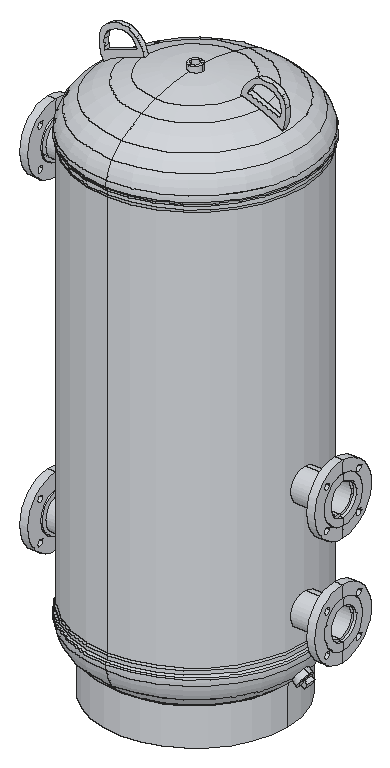
Revit family "HBT-120-33", category Generic Models, Revit 2014
Parameters (values of type "HBT-120-33")
  URL = "http://westank.com/"
  Tank Volume = 120.0 gal
  Part Number = 55641233
  Model = "HBT-120-33"
  Maximum Shipping Weight = 246 lbf
  G = 12"
  B = 3"
  Description = "Wessels ASME 4-port primary-secondary Hot Water Buffer Tanks (HBT) are designed for use with today’s high efficiency systems that incorporate small modular low-mass boilers."
  D = 60"
  C = 24"
  E = 48"
  F = 24"
  A = 3"
Reference planes (in)
  plane 1 "Center (Front/Back)": y = 0
  plane 2: z = 0
  plane 3 "Center (Left/Right)": x = 0
  plane 4: through (12.55282, -180, 5.24135) normal (0.8192, 0, -0.5736)
  plane 5: z = 0
  plane 6: x = -0.0258
  plane 7: x = -12
  plane 8: x = 12
  plane 9: z = 60
  plane 10: z = 12
  plane 11: z = 24
  plane 12: z = 48
Forms (in)
  Revolve 1, solid
    sketch origin (0, -0.02461, 0) x (0, 1, 0) y (0, 0, 1)
      loop
        line (-11.72943, 8.77243) -> (-11.78566, 8.52884) -> (-11.78566, 8.13478)
        arc (-11.78566, 8.13478) -> (-11.81912, 8.00062) -> (-11.91164, 7.89786) r 0.28578
        arc (-11.91164, 7.89786) -> (-11.95692, 7.81968) -> (-11.97558, 7.73128) r 0.28631
        arc (-11.97558, 7.73128) -> (-11.97245, 7.42046) -> (-11.93229, 7.11223) r 2.60351
        arc (-11.93229, 7.11223) -> (-11.64697, 6.20299) -> (-11.16219, 5.38255) r 4.15957
        arc (-11.16219, 5.38255) -> (-10.55779, 4.71313) -> (-9.84784, 4.1569) r 5.25551
        arc (-9.84784, 4.1569) -> (-8.58434, 3.33811) -> (-7.19899, 2.74848) r 8.73435
        arc (-7.19899, 2.74848) -> (-6.25875, 2.4064) -> (-5.29808, 2.12676) r 15.23806
        arc (-5.29808, 2.12676) -> (-2.65772, 1.62908) -> (0.02461, 1.47321) r 20.96361
        line (0.02461, 1.47321) -> (0.02461, 1.61775)
        arc (0.02461, 1.61775) -> (-2.63967, 1.77249) -> (-5.26227, 2.26678) r 20.81908
        arc (-5.26227, 2.26678) -> (-6.21608, 2.54451) -> (-7.14956, 2.88438) r 15.09353
        arc (-7.14956, 2.88438) -> (-8.51704, 3.46602) -> (-9.7638, 4.27464) r 8.58982
        arc (-9.7638, 4.27464) -> (-10.45704, 4.8168) -> (-11.047, 5.46985) r 5.11098
        arc (-11.047, 5.46985) -> (-11.51493, 6.26178) -> (-11.79034, 7.13942) r 4.01504
        arc (-11.79034, 7.13942) -> (-11.82827, 7.43054) -> (-11.83123, 7.72411) r 2.45898
        arc (-11.83123, 7.72411) -> (-11.82458, 7.76052) -> (-11.80874, 7.79397) r 0.14178
        arc (-11.80874, 7.79397) -> (-11.69341, 7.92922) -> (-11.64258, 8.09956) r 0.43032
        line (-11.64258, 8.09956) -> (-11.64258, 8.4958) -> (-11.58634, 8.7394) -> (-11.58634, 52.73382) -> (-11.64258, 52.97741) -> (-11.64258, 53.37366)
        arc (-11.64258, 53.37366) -> (-11.69341, 53.54399) -> (-11.80874, 53.67925) r 0.43032
        arc (-11.80874, 53.67925) -> (-11.82458, 53.7127) -> (-11.83123, 53.7491) r 0.14178
        arc (-11.83123, 53.7491) -> (-11.82827, 54.04267) -> (-11.79034, 54.33379) r 2.45898
        arc (-11.79034, 54.33379) -> (-11.51493, 55.21144) -> (-11.047, 56.00337) r 4.01504
        arc (-11.047, 56.00337) -> (-10.45704, 56.65641) -> (-9.7638, 57.19857) r 5.11098
        arc (-9.7638, 57.19857) -> (-8.51704, 58.00719) -> (-7.14956, 58.58883) r 8.58982
        arc (-7.14956, 58.58883) -> (-6.21608, 58.9287) -> (-5.26227, 59.20643) r 15.09353
        arc (-5.26227, 59.20643) -> (-2.63967, 59.70073) -> (0.02461, 59.85547) r 20.81908
        line (0.02461, 59.85547) -> (0.02461, 60)
        arc (0.02461, 60) -> (-2.65772, 59.84413) -> (-5.29808, 59.34646) r 20.96361
        arc (-5.29808, 59.34646) -> (-6.25875, 59.06681) -> (-7.19899, 58.72473) r 15.23806
        arc (-7.19899, 58.72473) -> (-8.58434, 58.1351) -> (-9.84784, 57.31632) r 8.73435
        arc (-9.84784, 57.31632) -> (-10.55779, 56.76009) -> (-11.16219, 56.09066) r 5.25551
        arc (-11.16219, 56.09066) -> (-11.64697, 55.27022) -> (-11.93229, 54.36098) r 4.15957
        arc (-11.93229, 54.36098) -> (-11.97245, 54.05275) -> (-11.97558, 53.74193) r 2.60351
        arc (-11.97558, 53.74193) -> (-11.95692, 53.65354) -> (-11.91164, 53.57536) r 0.28631
        arc (-11.91164, 53.57536) -> (-11.81912, 53.4726) -> (-11.78566, 53.33843) r 0.28578
        line (-11.78566, 53.33843) -> (-11.78566, 52.94437) -> (-11.72943, 52.70078) -> (-11.72943, 8.77243)
      axis (0.02461, 1.47321) -> (0.02461, 60)
    angle from 0 to 360
  Revolve 2, solid
    sketch origin (-13.31312, 0, -17.60969) x (0.999996, 0, -0.002792) y (0.002792, 0, 0.999996)
      loop
        line (24.95603, 23.79747) -> (24.90436, 23.83351) -> (24.49286, 23.24353) -> (25.10843, 22.81419) -> (25.48438, 23.35322) -> (25.43312, 23.38897) -> (25.55755, 23.56737) -> (25.04492, 23.92491) -> (24.95603, 23.79747)
      axis (24.49286, 23.24353) -> (25.10843, 22.81419)
    angle from 0 to 360
  Extrusion 3, solid
    sketch origin (11.29211, -180, 6.1145) x (0.574357, 0, 0.818605) y (0, -1, 0)
      loop
        line (-0.16036, -179.52645) -> (-0.95521, -179.68698) -> (-0.79485, -180.48095) -> (0, -180.32042) -> (-0.16036, -179.52645)
    from 1.02698 to 1.52678
  Extrusion 4, solid
    sketch origin (0, 0, 0) x (1, 0, 0) y (0, 1, 0)
      loop
        circle (0, 0) r 0.75
      loop
        circle (0, 0) r 0.5
    from 59.84944 to 60.51895
  Extrusion 5, void
    sketch origin (0, 0, 0) x (1, 0, 0) y (0, 1, 0)
      loop
        circle (0, 0) r 0.5
    from 55.71073 to 62.35572
  Revolve 6, solid
    sketch origin (0, 0, 0) x (1, 0, 0) y (0, 0, 1)
      loop
        line (9.87341, 4.12139) -> (9.87341, 0) -> (9.99844, 0) -> (9.99844, 4.12139) -> (9.87341, 4.12139)
      axis (0, 4.12139) -> (0, 0)
    angle from 0 to 360
  Extrusion 7, void
    sketch origin (0, 0, 0.25) x (0, 1, 0) y (0, 0, 1)
      loop
        circle (0, 23.7482) r 1.53402
    from 8.71275 to 17.27456
  Revolve 8, solid
    sketch origin (-3.00177, 0, 1.25063) x (-1, 0, 0) y (0, 0, 1)
      loop
        line (11.7503, 9.00108) -> (11.7503, 8.62256) -> (12.0003, 8.62256) -> (12.0003, 6.99732) -> (12.8753, 6.99732) -> (12.8753, 8.24732) -> (12.9378, 8.24732) -> (12.9378, 9.00108) -> (11.7503, 9.00108)
      axis (12.9378, 10.74756) -> (11.7503, 10.74756)
    angle from 0 to 360
  Revolve 9, solid
    sketch origin (-3.60333, 0, 1.22133) x (1, 0, 0) y (0, 0, 1)
      loop
        line (-11.96124, 9.24218) -> (-11.96124, 9.02784) -> (-7.83624, 9.02784) -> (-7.83624, 9.24218) -> (-11.96124, 9.24218)
      axis (-11.96124, 10.77686) -> (-7.83624, 10.77686)
    angle from 0 to 360
  Extrusion 10, void
    sketch origin (0, 0, 0) x (0, 1, 0) y (0, 0, 1)
      loop
        circle (2.14269, 26.08378) r 0.37667
      loop
        circle (2.10148, 21.85286) r 0.37667
      loop
        circle (-2.14269, 26.12499) r 0.37667
      loop
        circle (-2.15642, 21.89407) r 0.37667
    from 13.68813 to 17.55318
  Revolve 11, solid
    sketch origin (3.00177, 0, 1.25063) x (1, 0, 0) y (0, 0, 1)
      loop
        line (11.74708, 20.99906) -> (11.74708, 20.6226) -> (11.99716, 20.6226) -> (11.99716, 18.99765) -> (12.87216, 18.99765) -> (12.87216, 20.24765) -> (12.93466, 20.24765) -> (12.93466, 20.99906) -> (11.74708, 20.99906)
      axis (12.93466, 22.74756) -> (11.74708, 22.74756)
    angle from 0 to 360
  Revolve 12, solid
    sketch origin (3.60333, 0, 1.22133) x (-1, 0, 0) y (0, 0, 1)
      loop
        line (-11.9581, 21.24284) -> (-11.9581, 21.02686) -> (-7.8331, 21.02686) -> (-7.8331, 21.24284) -> (-11.9581, 21.24284)
      axis (-11.9581, 22.77686) -> (-7.8331, 22.77686)
    angle from 0 to 360
  Extrusion 13, void
    sketch origin (0, 0, 0) x (0, 1, 0) y (0, 0, 1)
      loop
        circle (2.1141, 14.11626) r 0.39832
      loop
        circle (-2.1141, 14.11626) r 0.39832
      loop
        circle (2.1141, 9.86626) r 0.39832
      loop
        circle (-2.1141, 9.86626) r 0.39832
    from -17.52078 to -13.50229
  Revolve 14, solid
    sketch origin (3.00177, 0, 1.25063) x (1, 0, 0) y (0, 0, 1)
      loop
        line (11.7503, 9.00108) -> (11.7503, 8.62256) -> (11.99712, 8.62256) -> (11.99712, 6.99756) -> (12.8753, 6.99756) -> (12.8753, 8.24732) -> (12.9378, 8.24732) -> (12.9378, 9.00108) -> (11.7503, 9.00108)
      axis (12.9378, 10.74756) -> (11.7503, 10.74756)
    angle from 0 to 360
  Revolve 15, solid
    sketch origin (3.60333, 0, 1.22133) x (-1, 0, 0) y (0, 0, 1)
      loop
        line (-11.96124, 9.24218) -> (-11.96124, 9.02784) -> (-7.83624, 9.02784) -> (-7.83624, 9.24218) -> (-11.96124, 9.24218)
      axis (-11.96124, 10.77686) -> (-7.83624, 10.77686)
    angle from 0 to 360
  Extrusion 16, void
    sketch origin (0, 0, 0) x (0, 1, 0) y (0, 0, -1)
      loop
        circle (2.1141, -14.11626) r 0.39832
      loop
        circle (-2.1141, -14.11626) r 0.39832
      loop
        circle (2.1141, -9.86626) r 0.39832
      loop
        circle (-2.1141, -9.86626) r 0.39832
    from -17.52078 to -13.50229
  Revolve 17, solid
    sketch origin (-3.00177, 0, 37.25161) x (-1, 0, 0) y (0, 0, 1)
      loop
        line (11.7503, 9.00108) -> (11.7503, 8.62256) -> (12.0003, 8.62256) -> (12.0003, 6.99732) -> (12.8753, 6.99732) -> (12.8753, 8.24732) -> (12.9378, 8.24732) -> (12.9378, 9.00108) -> (11.7503, 9.00108)
      axis (12.9378, 10.74756) -> (11.7503, 10.74756)
    angle from 0 to 360
  Revolve 18, solid
    sketch origin (-3.60333, 0, 37.22231) x (1, 0, 0) y (0, 0, 1)
      loop
        line (-11.96124, 9.24218) -> (-11.96124, 9.02784) -> (-7.83624, 9.02784) -> (-7.83624, 9.24218) -> (-11.96124, 9.24218)
      axis (-11.96124, 10.77686) -> (-7.83624, 10.77686)
    angle from 0 to 360
  Extrusion 19, void
    sketch origin (0, 0, 36) x (0, 1, 0) y (0, 0, 1)
      loop
        circle (2.1141, 14.11626) r 0.39832
      loop
        circle (-2.1141, 14.11626) r 0.39832
      loop
        circle (2.1141, 9.86626) r 0.39832
      loop
        circle (-2.1141, 9.86626) r 0.39832
    from -17.52078 to -13.50229
  Extrusion 20, solid
    sketch origin (-25.94969, -0.08071, 39.84854) x (0.34202, 0, -0.939693) y (0.939693, 0, 0.34202)
      loop
        arc (-11.9298, 25.67102) -> (-12.15596, 25.63246) -> (-12.38023, 25.58408) r 5.2625
        arc (-12.38023, 25.58408) -> (-12.78497, 25.45482) -> (-13.16591, 25.26664) r 2.84116
        arc (-13.16591, 25.26664) -> (-13.45733, 25.04186) -> (-13.68503, 24.75271) r 1.49558
        arc (-13.68503, 24.75271) -> (-13.8, 24.46408) -> (-13.86349, 24.15994) r 1.7957
        arc (-13.86349, 24.15994) -> (-13.88475, 23.80361) -> (-13.86349, 23.44728) r 2.99674
        arc (-13.86349, 23.44728) -> (-13.79114, 23.11862) -> (-13.65649, 22.81019) r 1.72881
        arc (-13.65649, 22.81019) -> (-13.39922, 22.48527) -> (-13.05253, 22.25816) r 1.29608
        arc (-13.05253, 22.25816) -> (-12.66159, 22.07193) -> (-12.239, 21.97739) r 1.9331
        arc (-12.239, 21.97739) -> (-12.08496, 21.94521) -> (-11.9298, 21.91889) r 4.14312
        line (-11.9298, 21.91889) -> (-11.9298, 25.67102)
      loop
        line (-10.9298, 21.34797) -> (-10.9298, 26.14148)
        arc (-10.9298, 26.14148) -> (-11.99706, 26.18465) -> (-13.02719, 25.90227) r 3.48194
        arc (-13.02719, 25.90227) -> (-13.54727, 25.6041) -> (-13.99851, 25.20943) r 3.03185
        arc (-13.99851, 25.20943) -> (-14.28248, 24.55653) -> (-14.39992, 23.8543) r 2.91879
        arc (-14.39992, 23.8543) -> (-14.3348, 23.1787) -> (-14.08611, 22.54717) r 2.44012
        arc (-14.08611, 22.54717) -> (-13.716, 22.08641) -> (-13.21844, 21.76749) r 1.83162
        arc (-13.21844, 21.76749) -> (-12.09799, 21.42749) -> (-10.9298, 21.34797) r 5.1769
    from -0.24366 to 0.25634
  Extrusion 21, solid
    sketch origin (25.94969, -0.08071, 39.84854) x (-0.34202, 0, -0.939693) y (0.939693, 0, -0.34202)
      loop
        line (-11.9298, -25.67102) -> (-11.9298, -21.91889)
        arc (-11.9298, -21.91889) -> (-12.08496, -21.94521) -> (-12.239, -21.97739) r 4.14312
        arc (-12.239, -21.97739) -> (-12.66159, -22.07193) -> (-13.05253, -22.25816) r 1.9331
        arc (-13.05253, -22.25816) -> (-13.39922, -22.48527) -> (-13.65649, -22.81019) r 1.29608
        arc (-13.65649, -22.81019) -> (-13.79114, -23.11862) -> (-13.86349, -23.44728) r 1.72881
        arc (-13.86349, -23.44728) -> (-13.88475, -23.80361) -> (-13.86349, -24.15994) r 2.99674
        arc (-13.86349, -24.15994) -> (-13.8, -24.46408) -> (-13.68503, -24.75271) r 1.7957
        arc (-13.68503, -24.75271) -> (-13.45733, -25.04186) -> (-13.16591, -25.26664) r 1.49558
        arc (-13.16591, -25.26664) -> (-12.78497, -25.45482) -> (-12.38023, -25.58408) r 2.84116
        arc (-12.38023, -25.58408) -> (-12.15596, -25.63246) -> (-11.9298, -25.67102) r 5.2625
      loop
        arc (-10.9298, -21.34797) -> (-12.09799, -21.42749) -> (-13.21844, -21.76749) r 5.1769
        arc (-13.21844, -21.76749) -> (-13.716, -22.08641) -> (-14.08611, -22.54717) r 1.83162
        arc (-14.08611, -22.54717) -> (-14.3348, -23.1787) -> (-14.39992, -23.8543) r 2.44012
        arc (-14.39992, -23.8543) -> (-14.28248, -24.55653) -> (-13.99851, -25.20943) r 2.91879
        arc (-13.99851, -25.20943) -> (-13.54727, -25.6041) -> (-13.02719, -25.90227) r 3.03185
        arc (-13.02719, -25.90227) -> (-11.99706, -26.18465) -> (-10.9298, -26.14148) r 3.48194
        line (-10.9298, -26.14148) -> (-10.9298, -21.34797)
    from -0.24366 to 0.25634
  Extrusion 22, void
    sketch origin (0, 0, -11.75098) x (0, 1, 0) y (0, 0, 1)
      loop
        circle (0, 23.7482) r 1.53402
    from -17.52078 to 17.27456
  Extrusion 23, void
    sketch origin (0, 0, 24.25195) x (0, 1, 0) y (0, 0, 1)
      loop
        circle (0, 23.7482) r 1.53402
    from -21.47182 to -4.16283
Cuts and joins
  joined: Extrusion 3, Extrusion 4, Revolve 6
  Extrusion 5, Extrusion 7, Extrusion 13, Extrusion 22, Extrusion 23 cuts Revolve 1
  Extrusion 10, Extrusion 13, Extrusion 16, Extrusion 19 cuts Revolve 8
  Extrusion 10 cuts Revolve 11
  Extrusion 16 cuts Revolve 14
  Extrusion 19 cuts Revolve 17
  Extrusion 22, Extrusion 23 cuts Revolve 12
Dimensions and locks (in)
  "D": plane 9 to level
  "C": plane 8 to plane 7
  "G": plane 10 to level
  "F": plane 11 to level
  "E": plane 12 to level
  aligned and locked: plane 2 to level
Automatic sketch dimensions
  Revolve 1 sketch curve to Revolve 1 sketch curve = 0"  (x44)
  Revolve 1 sketch curve to plane 1 "Center (Front/Back)" = 0"  (x3)
  plane 1 "Center (Front/Back)" to Revolve 1 sketch curve = 0.12751"  (x2)
  plane 1 "Center (Front/Back)" to Revolve 1 sketch curve = 1.54641"  (x2)
  Revolve 1 sketch curve to plane 10 = 0.94992"
  plane 1 "Center (Front/Back)" to Revolve 1 sketch curve = 4.50842"  (x2)
  plane 12 to Revolve 1 sketch curve = 2.42313"
  Revolve 1 sketch curve to Revolve 1 sketch curve = 2.48973"  (x2)
  Revolve 1 sketch curve to Revolve 1 sketch curve = 0.87346"  (x2)
  Revolve 1 sketch curve to Revolve 1 sketch curve = 1.52828"  (x2)
  plane 12 to Revolve 1 sketch curve = 4.73382"
  Revolve 1 sketch curve to Revolve 1 sketch curve = 2.21106"
  Revolve 1 sketch curve to Revolve 1 sketch curve = 0.05624"  (x2)
  Revolve 1 sketch curve to Revolve 1 sketch curve = 0.04705"  (x2)
  plane 12 to Revolve 1 sketch curve = 4.70078"
  Revolve 1 sketch curve to Revolve 1 sketch curve = 0.14309"  (x3)
  Revolve 1 sketch curve to plane 10 = 3.47116"
  Revolve 1 sketch curve to Revolve 1 sketch curve = 0.28578"  (x2)
  Revolve 1 sketch curve to Revolve 1 sketch curve = 0.03303"  (x3)
  Revolve 1 sketch curve to Revolve 1 sketch curve = 0.36102"
  Revolve 1 sketch curve to Revolve 1 sketch curve = 0.03523"  (x2)
  Revolve 1 sketch curve to Revolve 1 sketch curve = 0.20471"
  Revolve 1 sketch curve to Revolve 1 sketch curve = 0.38248"  (x2)
  Revolve 1 sketch curve to Revolve 1 sketch curve = 0.29277"  (x2)
  level to Revolve 1 sketch curve = 1.61775"
  Revolve 1 sketch curve to Revolve 1 sketch curve = 37/256"
  Revolve 1 sketch curve to Revolve 1 sketch curve = 0.66192"  (x2)
  Revolve 1 sketch curve to Revolve 1 sketch curve = 0.24359"  (x2)
  plane 10 to Revolve 1 sketch curve = 4.88948"
  Revolve 1 sketch curve to plane 11 = 1.56356"
  Revolve 1 sketch curve to plane 12 = 8.96323"
  Revolve 1 sketch curve to plane 12 = 3.41627"
  Revolve 1 sketch curve to Revolve 1 sketch curve = 2.49332"
  Revolve 1 sketch curve to Revolve 1 sketch curve = 0.39406"
  Revolve 1 sketch curve to plane 9 = 37/256"
  plane 9 to Revolve 1 sketch curve = 0"
  Revolve 1 sketch curve to Revolve 1 sketch curve = 1.88729"
  Revolve 1 sketch curve to plane 9 = 1.41117"
  Revolve 1 sketch curve to Revolve 1 sketch curve = 0.04943"  (x2)
  Revolve 1 sketch curve to Revolve 1 sketch curve = 2.61424"
  Revolve 1 sketch curve to plane 9 = 2.80143"
  Revolve 1 sketch curve to Revolve 1 sketch curve = 0.08403"  (x2)
  Revolve 1 sketch curve to Revolve 1 sketch curve = 0.02249"  (x2)
  Revolve 1 sketch curve to Revolve 1 sketch curve = 0.1029"  (x2)
  plane 11 to Revolve 1 sketch curve = 4.89308"
  Revolve 1 sketch curve to Revolve 1 sketch curve = 3 3/4"
  Revolve 2 sketch curve to plane 8 = 0.75545"
  Revolve 2 sketch curve to plane 4 = 1.2575"
  Revolve 2 sketch curve to Revolve 2 sketch curve = 0.4115"
  Revolve 2 sketch curve to Revolve 2 sketch curve = 0.05167"
  Revolve 2 sketch curve to Revolve 2 sketch curve = 0.08888"
  Revolve 2 sketch curve to Revolve 2 sketch curve = 0.61556"
  Revolve 2 sketch curve to Revolve 2 sketch curve = 0.47709"
  Revolve 2 sketch curve to Revolve 2 sketch curve = 0.05126"
  Revolve 2 sketch curve to Revolve 2 sketch curve = 0.42934"
  Revolve 2 sketch curve to Revolve 2 sketch curve = 0.12768"
  Revolve 2 sketch curve to Revolve 2 sketch curve = 0"  (x2)
  Revolve 2 sketch curve to Revolve 2 sketch curve = 0.08905"
  plane 1 "Center (Front/Back)" to Extrusion 3 sketch curve = 0.31302"
  Extrusion 3 sketch curve to plane 1 "Center (Front/Back)" = 0.48095"
  Extrusion 3 sketch curve to Extrusion 3 sketch curve = 0.16036"  (x2)
  plane 1 "Center (Front/Back)" to Extrusion 3 sketch curve = 0.47355"
  Extrusion 3 sketch curve to Extrusion 3 sketch curve = 0.79485"
  Extrusion 3 sketch curve to plane 1 "Center (Front/Back)" = 0.32042"
  Extrusion 4 sketch curve to Extrusion 4 sketch curve = 0"  (x2)
  plane 1 "Center (Front/Back)" to Extrusion 4 sketch curve = 0"
  Extrusion 4 sketch curve to plane 3 "Center (Left/Right)" = 0"
  Extrusion 5 sketch curve to Extrusion 5 sketch curve = 0"  (x2)
  plane 1 "Center (Front/Back)" to Extrusion 5 sketch curve = 0"
  Extrusion 5 sketch curve to plane 3 "Center (Left/Right)" = 0"
  plane 6 to Extrusion 5 sketch curve = 0.4742"
  Revolve 6 sketch curve to plane 3 "Center (Left/Right)" = 0"
  Revolve 6 sketch curve to level = 0"
  Revolve 6 sketch curve to plane 8 = 2.12659"
  Revolve 6 sketch curve to Revolve 6 sketch curve = 0.12503"
  level to Revolve 6 sketch curve = 4.12139"
  level to Revolve 6 sketch curve = 4.69941"
  Revolve 6 sketch curve to Revolve 6 sketch curve = 1"
  Extrusion 7 sketch curve to Extrusion 7 sketch curve = 0"  (x2)
  Extrusion 7 sketch curve to plane 1 "Center (Front/Back)" = 0"
  Extrusion 7 sketch curve to plane 11 = 0.0018"
  Extrusion 7 sketch curve to Extrusion 7 sketch curve = 1.53402"
  plane 7 to Revolve 8 sketch curve = 2.75207"
  Revolve 8 sketch curve to Revolve 8 sketch curve = 1/4"
  Revolve 8 sketch curve to Revolve 8 sketch curve = 7/8"
  Revolve 8 sketch curve to Revolve 8 sketch curve = 1/16"
  plane 10 to Revolve 8 sketch curve = 3.75205"
  Revolve 8 sketch curve to Revolve 8 sketch curve = 1 1/4"
  Revolve 8 sketch curve to Revolve 8 sketch curve = 0.37525"
  Revolve 8 sketch curve to Revolve 8 sketch curve = 0.37852"
  plane 10 to Revolve 8 sketch curve = 0.0018"
  Revolve 8 sketch curve to plane 7 = 0.56043"
  Revolve 8 sketch curve to Revolve 8 sketch curve = 0.68278"
  Revolve 9 sketch curve to plane 10 = 1.75083"
  Revolve 9 sketch curve to plane 7 = 3.56457"
  plane 7 to Revolve 9 sketch curve = 0.56043"  (x2)
  Revolve 9 sketch curve to Revolve 9 sketch curve = 0.21435"
  Revolve 9 sketch curve to plane 10 = 0.0018"
  Revolve 9 sketch curve to Revolve 9 sketch curve = 0.36015"
  plane 1 "Center (Front/Back)" to Extrusion 10 sketch curve = 2.15642"
  plane 1 "Center (Front/Back)" to Extrusion 10 sketch curve = 2.14269"
  Extrusion 10 sketch curve to plane 1 "Center (Front/Back)" = 2.10148"
  Extrusion 10 sketch curve to plane 1 "Center (Front/Back)" = 2.14269"
  Extrusion 10 sketch curve to plane 11 = 2.14714"
  Extrusion 10 sketch curve to plane 11 = 2.10593"
  plane 11 to Extrusion 10 sketch curve = 2.08378"
  plane 11 to Extrusion 10 sketch curve = 2 1/8"
  plane 8 to Revolve 11 sketch curve = 2.74885"
  Revolve 11 sketch curve to Revolve 11 sketch curve = 0.25008"
  Revolve 11 sketch curve to Revolve 11 sketch curve = 7/8"
  Revolve 11 sketch curve to Revolve 11 sketch curve = 1/16"
  Revolve 11 sketch curve to plane 11 = 3.75171"
  Revolve 11 sketch curve to Revolve 11 sketch curve = 1 1/4"
  Revolve 11 sketch curve to Revolve 11 sketch curve = 0.37494"
  Revolve 11 sketch curve to Revolve 11 sketch curve = 0.37647"
  Revolve 11 sketch curve to plane 11 = 0.0018"
  Revolve 11 sketch curve to plane 8 = 0.56357"
  Revolve 11 sketch curve to Revolve 11 sketch curve = 0.68278"
  plane 11 to Revolve 12 sketch curve = 1.75181"
  Revolve 12 sketch curve to plane 8 = 3.56143"
  plane 8 to Revolve 12 sketch curve = 0.56357"  (x2)
  Revolve 12 sketch curve to Revolve 12 sketch curve = 0.21598"
  plane 11 to Revolve 12 sketch curve = 0.0018"
  Revolve 12 sketch curve to Revolve 12 sketch curve = 0.36015"
  Extrusion 13 sketch curve to Extrusion 13 sketch curve = 0"  (x8)
  plane 1 "Center (Front/Back)" to Extrusion 13 sketch curve = 2.1141"  (x2)
  Extrusion 13 sketch curve to plane 1 "Center (Front/Back)" = 2.1141"  (x2)
  Extrusion 13 sketch curve to plane 10 = 2.13374"  (x2)
  plane 10 to Extrusion 13 sketch curve = 2.11626"  (x2)
  Extrusion 13 sketch curve to Extrusion 13 sketch curve = 0.39832"  (x4)
  plane 8 to Revolve 14 sketch curve = 2.75207"
  Revolve 14 sketch curve to Revolve 14 sketch curve = 0.24683"
  Revolve 14 sketch curve to Revolve 14 sketch curve = 0.87817"
  Revolve 14 sketch curve to Revolve 14 sketch curve = 1/16"
  Revolve 14 sketch curve to plane 10 = 3.75181"
  Revolve 14 sketch curve to Revolve 14 sketch curve = 1.24976"
  Revolve 14 sketch curve to Revolve 14 sketch curve = 0.37525"
  Revolve 14 sketch curve to Revolve 14 sketch curve = 0.37852"
  Revolve 14 sketch curve to plane 10 = 0.0018"
  Revolve 14 sketch curve to plane 8 = 0.56043"
  Revolve 14 sketch curve to Revolve 14 sketch curve = 0.68278"
  plane 10 to Revolve 15 sketch curve = 1.75083"
  Revolve 15 sketch curve to plane 8 = 3.56457"
  plane 8 to Revolve 15 sketch curve = 0.56043"  (x2)
  Revolve 15 sketch curve to Revolve 15 sketch curve = 0.21435"
  plane 10 to Revolve 15 sketch curve = 0.0018"
  Revolve 15 sketch curve to Revolve 15 sketch curve = 0.36015"
  Extrusion 16 sketch curve to Extrusion 16 sketch curve = 0"  (x8)
  plane 1 "Center (Front/Back)" to Extrusion 16 sketch curve = 2.1141"  (x2)
  Extrusion 16 sketch curve to plane 1 "Center (Front/Back)" = 2.1141"  (x2)
  plane 10 to Extrusion 16 sketch curve = 2.11626"  (x2)
  Extrusion 16 sketch curve to plane 10 = 2.13374"  (x2)
  Extrusion 16 sketch curve to Extrusion 16 sketch curve = 0.39832"  (x4)
  plane 7 to Revolve 17 sketch curve = 2.75207"
  Revolve 17 sketch curve to Revolve 17 sketch curve = 1/4"
  Revolve 17 sketch curve to Revolve 17 sketch curve = 7/8"
  Revolve 17 sketch curve to Revolve 17 sketch curve = 1/16"
  plane 12 to Revolve 17 sketch curve = 3.75108"
  Revolve 17 sketch curve to Revolve 17 sketch curve = 1 1/4"
  Revolve 17 sketch curve to Revolve 17 sketch curve = 0.37525"
  Revolve 17 sketch curve to Revolve 17 sketch curve = 0.37852"
  plane 12 to Revolve 17 sketch curve = 0.00083"
  Revolve 17 sketch curve to plane 7 = 0.56043"
  Revolve 17 sketch curve to Revolve 17 sketch curve = 0.68278"
  Revolve 18 sketch curve to plane 12 = 1.74986"
  Revolve 18 sketch curve to plane 7 = 3.56457"
  plane 7 to Revolve 18 sketch curve = 0.56043"  (x2)
  Revolve 18 sketch curve to Revolve 18 sketch curve = 0.21435"
  Revolve 18 sketch curve to plane 12 = 0.00083"
  Revolve 18 sketch curve to Revolve 18 sketch curve = 0.36015"
  Extrusion 19 sketch curve to Extrusion 19 sketch curve = 0"  (x8)
  plane 1 "Center (Front/Back)" to Extrusion 19 sketch curve = 2.1141"  (x2)
  Extrusion 19 sketch curve to plane 1 "Center (Front/Back)" = 2.1141"  (x2)
  Extrusion 19 sketch curve to plane 12 = 2.13374"  (x2)
  plane 12 to Extrusion 19 sketch curve = 2.11626"  (x2)
  Extrusion 19 sketch curve to Extrusion 19 sketch curve = 0.39832"  (x4)
  Extrusion 22 sketch curve to Extrusion 22 sketch curve = 0"  (x2)
  Extrusion 22 sketch curve to plane 1 "Center (Front/Back)" = 0"
  Extrusion 22 sketch curve to plane 10 = 0.00278"
  Extrusion 22 sketch curve to Extrusion 22 sketch curve = 1.53402"
  Extrusion 23 sketch curve to Extrusion 23 sketch curve = 0"  (x2)
  Extrusion 23 sketch curve to plane 1 "Center (Front/Back)" = 0"
  plane 12 to Extrusion 23 sketch curve = 0.00015"
  Extrusion 23 sketch curve to plane 12 = 1.53388"
  Extrusion 21 sketch curve to plane 9 = 0.3644"
  Extrusion 21 sketch curve to plane 8 = 3.79479"
  Extrusion 21 sketch curve to Extrusion 21 sketch curve = 0.03301"
  Extrusion 21 sketch curve to Extrusion 21 sketch curve = 0.08665"
  Extrusion 21 sketch curve to Extrusion 21 sketch curve = 0.34483"
  Extrusion 21 sketch curve to Extrusion 21 sketch curve = 17/256"
  Extrusion 21 sketch curve to Extrusion 21 sketch curve = 0.04958"
  Extrusion 21 sketch curve to Extrusion 21 sketch curve = 0.06885"
  Extrusion 21 sketch curve to Extrusion 21 sketch curve = 0.15073"
  Extrusion 21 sketch curve to Extrusion 21 sketch curve = 0.36028"
  Extrusion 21 sketch curve to Extrusion 21 sketch curve = 0.06601"
  Extrusion 21 sketch curve to Extrusion 21 sketch curve = 0.11815"
  Extrusion 21 sketch curve to Extrusion 21 sketch curve = 0.47821"
  Extrusion 21 sketch curve to Extrusion 21 sketch curve = 0.6151"
  Extrusion 21 sketch curve to Extrusion 21 sketch curve = 0.15011"
  Extrusion 21 sketch curve to Extrusion 21 sketch curve = 0.77126"
  Extrusion 21 sketch curve to Extrusion 21 sketch curve = 0.3849"
  Extrusion 21 sketch curve to Extrusion 21 sketch curve = 0.59588"
  Extrusion 21 sketch curve to Extrusion 21 sketch curve = 0.00686"
  Extrusion 21 sketch curve to Extrusion 21 sketch curve = 0.20406"
  Extrusion 21 sketch curve to Extrusion 21 sketch curve = 0.0747"
  Extrusion 21 sketch curve to Extrusion 21 sketch curve = 0.09548"
  Extrusion 21 sketch curve to Extrusion 21 sketch curve = 0.07607"
  Extrusion 21 sketch curve to Extrusion 21 sketch curve = 0.15093"
  Extrusion 21 sketch curve to Extrusion 21 sketch curve = 0.04716"
  Extrusion 21 sketch curve to Extrusion 21 sketch curve = 0.0326"
  Extrusion 21 sketch curve to Extrusion 21 sketch curve = 1.7246"
  Extrusion 21 sketch curve to Extrusion 21 sketch curve = 0.34507"
  Extrusion 21 sketch curve to Extrusion 21 sketch curve = 0.12538"
  Extrusion 21 sketch curve to Extrusion 21 sketch curve = 0.37807"
  Extrusion 21 sketch curve to Extrusion 21 sketch curve = 0.51702"
  Extrusion 21 sketch curve to Extrusion 21 sketch curve = 0.31529"
  Extrusion 21 sketch curve to Extrusion 21 sketch curve = 0.0954"
  Extrusion 21 sketch curve to Extrusion 21 sketch curve = 0.80625"
  Extrusion 21 sketch curve to Extrusion 21 sketch curve = 0.57092"
  Extrusion 21 sketch curve to Extrusion 21 sketch curve = 0.88262"
  Extrusion 21 sketch curve to Extrusion 21 sketch curve = 0"  (x6)
  Extrusion 21 sketch curve to Extrusion 21 sketch curve = 0.1659"
  Extrusion 21 sketch curve to Extrusion 21 sketch curve = 0.13872"
  Extrusion 21 sketch curve to Extrusion 21 sketch curve = 0.42962"
  Extrusion 21 sketch curve to Extrusion 21 sketch curve = 0.51913"
  Extrusion 21 sketch curve to Extrusion 21 sketch curve = 0.31348"
  Extrusion 20 sketch curve to plane 9 = 0.3644"
  plane 7 to Extrusion 20 sketch curve = 3.79479"
  Extrusion 20 sketch curve to Extrusion 20 sketch curve = 0.03301"
  Extrusion 20 sketch curve to Extrusion 20 sketch curve = 0.08665"
  Extrusion 20 sketch curve to Extrusion 20 sketch curve = 0.34483"
  Extrusion 20 sketch curve to Extrusion 20 sketch curve = 17/256"
  Extrusion 20 sketch curve to Extrusion 20 sketch curve = 0.04958"
  Extrusion 20 sketch curve to Extrusion 20 sketch curve = 0.06885"
  Extrusion 20 sketch curve to Extrusion 20 sketch curve = 0.15073"
  Extrusion 20 sketch curve to Extrusion 20 sketch curve = 0.36028"
  Extrusion 20 sketch curve to Extrusion 20 sketch curve = 0.06601"
  Extrusion 20 sketch curve to Extrusion 20 sketch curve = 0.11815"
  Extrusion 20 sketch curve to Extrusion 20 sketch curve = 0.47821"
  Extrusion 20 sketch curve to Extrusion 20 sketch curve = 0.6151"
  Extrusion 20 sketch curve to Extrusion 20 sketch curve = 0.15011"
  Extrusion 20 sketch curve to Extrusion 20 sketch curve = 0.77126"
  Extrusion 20 sketch curve to Extrusion 20 sketch curve = 0.3849"
  Extrusion 20 sketch curve to Extrusion 20 sketch curve = 0.59588"
  Extrusion 20 sketch curve to Extrusion 20 sketch curve = 0.3061"
  Extrusion 20 sketch curve to Extrusion 20 sketch curve = 0.31529"
  Extrusion 20 sketch curve to Extrusion 20 sketch curve = 0.0954"
  Extrusion 20 sketch curve to Extrusion 20 sketch curve = 0.80625"
  Extrusion 20 sketch curve to Extrusion 20 sketch curve = 0.57092"
  Extrusion 20 sketch curve to Extrusion 20 sketch curve = 0.88262"
  Extrusion 20 sketch curve to Extrusion 20 sketch curve = 0.00686"
  Extrusion 20 sketch curve to Extrusion 20 sketch curve = 0.20406"
  Extrusion 20 sketch curve to Extrusion 20 sketch curve = 0.59172"
  Extrusion 20 sketch curve to Extrusion 20 sketch curve = 0.09548"
  Extrusion 20 sketch curve to Extrusion 20 sketch curve = 0.07607"
  Extrusion 20 sketch curve to Extrusion 20 sketch curve = 0.15093"
  Extrusion 20 sketch curve to Extrusion 20 sketch curve = 0.04716"
  Extrusion 20 sketch curve to Extrusion 20 sketch curve = 0.0326"
  Extrusion 20 sketch curve to Extrusion 20 sketch curve = 1.7246"
  Extrusion 20 sketch curve to Extrusion 20 sketch curve = 0.34507"
  Extrusion 20 sketch curve to Extrusion 20 sketch curve = 0.12538"
  Extrusion 20 sketch curve to Extrusion 20 sketch curve = 0.37807"
  Extrusion 20 sketch curve to Extrusion 20 sketch curve = 0"  (x6)
  Extrusion 20 sketch curve to Extrusion 20 sketch curve = 0.1659"
  Extrusion 20 sketch curve to Extrusion 20 sketch curve = 0.13872"
  Extrusion 20 sketch curve to Extrusion 20 sketch curve = 0.42962"
  Extrusion 20 sketch curve to Extrusion 20 sketch curve = 0.51913"
  Extrusion 20 sketch curve to Extrusion 20 sketch curve = 0.31348"
  radius of Extrusion 4 sketch curve = 3/4"
  radius of Extrusion 4 sketch curve = 1/2"
  radius of Extrusion 10 sketch curve = 0.37667"  (x4)
Connectors (in)
  piping at (15.93957, 0, 11.9982), diameter 3, driven by "A"
    settings: on Revolve 14, index 1, connector inside diameter 24", connector length 0", flow factor 0, pipe flow 0 GPM, pressure drop 0.00 psi, fitting loss kfactor 0, connector angle 0.00°, fixture units 0, engagement length 0", angle of deflection 0.00°, flow configuration 0, flow direction 0, fitting loss method 0, system type 7, joint type 0, gender type 0, connector reference index -1, connector utility 0, adjustable connector no, is connector primary yes, connector description ""
  piping at (15.93643, 0, 23.9982), diameter 3, driven by "A"
    settings: on cut or joined group of Extrusion 10, Revolve 11, index 2, connector inside diameter 24", connector length 0", flow factor 0, pipe flow 0 GPM, pressure drop 0.00 psi, fitting loss kfactor 0, connector angle 0.00°, fixture units 0, engagement length 0", angle of deflection 0.00°, flow configuration 0, flow direction 0, fitting loss method 0, system type 7, joint type 0, gender type 0, connector reference index -1, connector utility 0, adjustable connector no, is connector primary no, connector description ""
  piping at (-15.93957, 0, 47.99917), diameter 3, driven by "B"
    settings: on Revolve 17, index 3, connector inside diameter 24", connector length 0", flow factor 0, pipe flow 0 GPM, pressure drop 0.00 psi, fitting loss kfactor 0, connector angle 0.00°, fixture units 0, engagement length 0", angle of deflection 0.00°, flow configuration 0, flow direction 0, fitting loss method 0, system type 7, joint type 0, gender type 0, connector reference index -1, connector utility 0, adjustable connector no, is connector primary no, connector description ""
  piping at (-15.93957, 0, 11.9982), diameter 3, driven by "B"
    settings: on Revolve 8, index 4, connector inside diameter 24", connector length 0", flow factor 0, pipe flow 0 GPM, pressure drop 0.00 psi, fitting loss kfactor 0, connector angle 0.00°, fixture units 0, engagement length 0", angle of deflection 0.00°, flow configuration 0, flow direction 0, fitting loss method 0, system type 7, joint type 0, gender type 0, connector reference index -1, connector utility 0, adjustable connector no, is connector primary no, connector description ""
